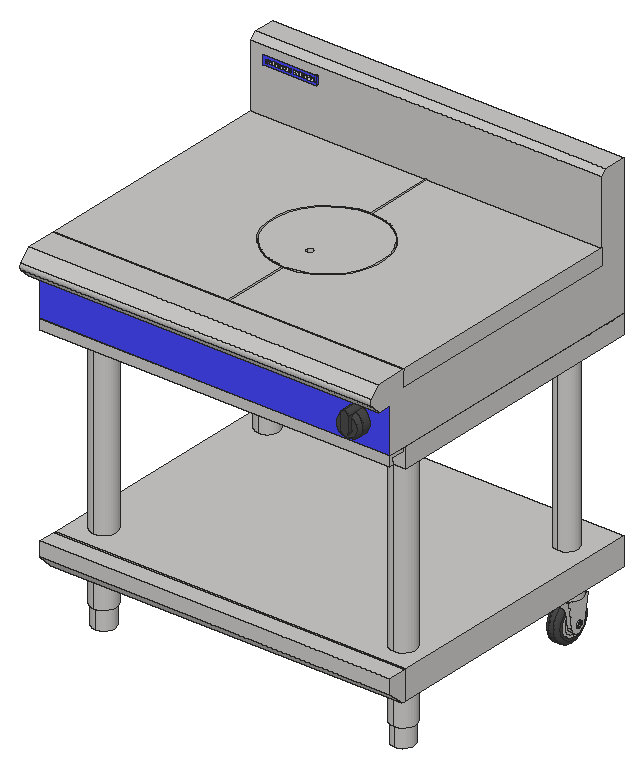
Revit family "QF_MOFFAT_BLUESEAL_CE_G57-LS", category Specialty Equipment, Revit 2012
Parameters
  Width = 900 mm
  Weight in Pounds = 392
  URL Cutsheet = "www.moffat.com"
  URL = "www.moffat.com"
  Type Mark [instance] = ""
  Status [instance] = ""
  Specification by User [instance] = ""
  Specification by Manufacturer = ""
  Show Logo [instance] = yes
  Show Clearance [instance] = yes
  Show Casters [instance] = yes
  Serial Number = ""
  Seismic Rating = ""
  SMACNA No = ""
  Revision Code [instance] = ""
  Omniclass Number and Title = ""
  NAFEM Spec ID Number = ""
  Model = "G57-LS"
  Mechanical Remarks = ""
  Mechanical Connection Type [instance] = ""
  Masterspec = ""
  Manufacturer = "MOFFAT BLUESEAL"
  Legs [instance] = not(Show Casters)  # no
  Item Number [instance] = ""
  Installed By [instance] = ""
  Identify Quantity as Lot [instance] = yes
  Height = 970 mm
  Gas Size = 3/4"
  Gas RI Height [instance] = 0 mm
  Gas KW [instance] = 12.5
  Gas Input [instance] = 42651.0 Btu/h
  Gas Connection Height = 0 mm
  Furnished By [instance] = ""
  Foodservice Equipment Identifier [instance] = yes
  Description = "900MM GAS TARGET TOP ON LEG STAND"
  Depth = 812 mm
  CSI MasterFormat = ""
  CSI Master Format = ""
Reference planes
  plane 1 "BACK": y = 0
  plane 2: z = 0
  plane 3 "LEFT": x = 0
  plane 4 "RIGHT": x = 900
  plane 5 "FRONT": y = -812
  plane 6 "TOP": z = 970
  plane 7 "Center Y": x = 450
  plane 8 "Center X": y = -406
  plane 9: x = 280
  plane 10: y = -574.272
  plane 11: x = 60
  plane 12: y = -304.972
  plane 13: y = -364.972
  plane 14: x = 74
  plane 15: x = 834.5
  plane 16: y = -32
  plane 17: z = 655
  plane 18: z = 1092.45
Forms (mm)
  Extrusion 1, solid, material "QF_Finishes_Stainless Steel"
    sketch origin (0, 0, 0) x (0, 1, 0) y (0, 0, 1)
      loop
        line (0, 150) -> (0, 222.5) -> (-699, 222.5) -> (-699, 150) -> (0, 150)
      loop
        line (0, 1092.45) -> (-57, 1092.45) -> (-70, 1079.45) -> (-70, 875) -> (-705, 875) -> (-705, 915) -> (-783.97, 915) -> (-808.503, 890.467)
        arc (-808.503, 890.467) -> (-812.01, 882) -> (-808.503, 873.533) r 11.974
        line (-808.503, 873.533) -> (-784.97, 850) -> (-749, 850) -> (-749, 736.219) -> (0, 736.219) -> (0, 1092.45)
      loop
        line (-749, 222.5) -> (-749, 186) -> (-713, 150) -> (-703.2, 150) -> (-703.2, 222.5) -> (-749, 222.5)
      loop
        line (-749, 710) -> (-740.224, 710) -> (-742.613, 726.999) -> (-707.93, 726.999) -> (-707.93, 734.003) -> (-749, 734.003) -> (-749, 710)
      loop
        line (-699, 734.003) -> (-699, 684.003) -> (0, 684.003) -> (0, 734.003) -> (-699, 734.003)
    from 0 to 900
  Extrusion 2, solid, material "QF_Finishes_Stainless Steel"
    sketch origin (0, 0, 0) x (0, 1, 0) y (0, 0, 1)
      loop
        line (-70, 915) -> (-705, 915) -> (-705, 875) -> (-70, 875) -> (-70, 915)
    from 0 to 900
  Revolve 3, solid, material "QF_Finishes_Black"
    sketch origin (824.351, 45.874, 0) x (0, 1, 0) y (0, 0, 1)
      loop
        line (-827.874, 829.5) -> (-838.874, 823.651) -> (-838.874, 797) -> (-794.874, 797) -> (-794.874, 802) -> (-804.874, 802) -> (-804.874, 829.5) -> (-827.874, 829.5)
      axis (-838.874, 797) -> (-794.874, 797)
    angle from 0 to 360
  Extrusion 4, solid, material "QF_Finishes_Black"
    sketch origin (676.544, 7, 0) x (1, 0, 0) y (0, 0, 1)
      loop
        line (158.3, 789) -> (158.3, 824)
        arc (158.3, 824) -> (148.3, 834) -> (138.3, 824) r 10
        line (138.3, 824) -> (138.3, 789)
        arc (138.3, 789) -> (148.3, 779) -> (158.3, 789) r 10
    from 759 to 808
  Extrusion 5, void
    sketch origin (0, -72.734, 915) x (1, 0, 0) y (0, -1, 0)
      loop
        line (447.967, 173.281) -> (447.967, -2.734) -> (452.2, -2.734) -> (452.2, 173.283)
        arc (452.2, 173.283) -> (592.5, 315.967) -> (451.798, 458.255) r 142.5
        line (451.798, 458.255) -> (451.798, 632.266) -> (447.7, 632.266) -> (447.7, 458.248)
        arc (447.7, 458.248) -> (307.5, 315.632) -> (447.967, 173.281) r 142.5
      loop
        circle (450, 315.766) r 138
      loop
        circle (450, 370.766) r 8.75
    from 0 to 10
  Revolve 6, solid, material "QF_Finishes_Stainless Steel"
    sketch origin (834.5, -165, 0) x (0, 1, 0) y (0, 0, -1)
      loop
        line (65, -222.5) -> (36.406, -222.5) -> (36.406, -684.003) -> (65, -684.003) -> (65, -222.5)
      axis (65, -684.003) -> (65, -222.5)
    angle from 0 to 360
  Revolve 7, solid, material "QF_Finishes_Stainless Steel"
    sketch origin (834.5, -696.126, 0) x (0, 1, 0) y (0, 0, -1)
      loop
        line (39.376, -150) -> (71.126, -150) -> (71.126, 0) -> (43.626, 0) -> (43.626, -50) -> (39.376, -50) -> (39.376, -150)
      loop
        line (71.126, -222.5) -> (39.376, -222.5) -> (39.376, -684.003) -> (71.126, -684.003) -> (71.126, -222.5)
      axis (71.126, -684.003) -> (71.126, 0)
    angle from 0 to 360
  Revolve 8, solid, material "QF_Finishes_Stainless Steel"
    sketch origin (65.5, -165, 0) x (0, 1, 0) y (0, 0, 1)
      loop
        line (36.406, 684.003) -> (36.406, 222.5) -> (65, 222.5) -> (65, 684.003) -> (36.406, 684.003)
      axis (65, 684.003) -> (65, 222.5)
    angle from 0 to 360
  Revolve 9, solid, material "QF_Finishes_Stainless Steel"
    sketch origin (65.5, -696.126, 0) x (0, 1, 0) y (0, 0, 1)
      loop
        line (39.376, 150) -> (39.376, 50) -> (43.626, 50) -> (43.626, 0) -> (71.126, 0) -> (71.126, 150) -> (39.376, 150)
      loop
        line (71.126, 222.5) -> (71.126, 684.003) -> (39.376, 684.003) -> (39.376, 222.5) -> (71.126, 222.5)
      axis (71.126, 684.003) -> (71.126, 0)
    angle from 0 to 360
  Extrusion 10, solid, material "QF_Finishes_Stainless Steel"
    sketch origin (-64.5, 0, 325) x (1, 0, 0) y (0, 1, 0)
      loop
        circle (834.5, -32) r 10
    from 330 to 355
  Extrusion 11, solid, material "QF_Finishes_Stainless Steel", visible <- "Show Casters"
    sketch origin (71.501, 133.353, -8.783) x (0, 1, 0) y (0, 0, 1)
      loop
        line (-201.603, 118.783) -> (-265.103, 118.783) -> (-252.746, 53.895)
        arc (-252.746, 53.895) -> (-233.353, 38.783) -> (-213.959, 53.895) r 20
        line (-213.959, 53.895) -> (-201.603, 118.783)
    from -35.667 to 22.923
  Revolve 12, solid, material "QF_Finishes_Stainless Steel", visible <- "Show Casters"
    sketch origin (65, -203, 0) x (0, 1, 0) y (0, 0, 1)
      loop
        line (67.25, 150) -> (67.25, 110) -> (103, 110) -> (103, 150) -> (67.25, 150)
      axis (103, 150) -> (103, 110)
    angle from 0 to 360
  Revolve 13, solid, material "QF_Finishes_Stainless Steel", visible <- "Show Casters"
    sketch origin (834.5, -203, 0) x (0, 1, 0) y (0, 0, -1)
      loop
        line (67.25, -150) -> (103, -150) -> (103, -110) -> (67.25, -110) -> (67.25, -150)
      axis (103, -150) -> (103, -110)
    angle from 0 to 360
  Revolve 14, solid, material "QF_Finishes_Stainless Steel", visible <- "Show Casters"
    sketch origin (785.276, -99.755, -13.653) x (1, 0, 0) y (0, 0, 1)
      loop
        line (14.841, 64.453) -> (83.584, 64.453) -> (83.584, 67.958) -> (82.314, 69.228) -> (80.79, 69.228) -> (80.79, 72.674) -> (68.644, 72.674) -> (68.644, 82.639) -> (65.088, 84.692) -> (63.738, 93.028) -> (65.881, 93.028) -> (65.881, 99.378) -> (65.088, 99.378) -> (65.088, 105.728)
        arc (65.088, 105.728) -> (62.298, 112.463) -> (55.563, 115.253) r 9.525
        line (55.563, 115.253) -> (42.863, 115.253)
        arc (42.863, 115.253) -> (36.127, 112.463) -> (33.338, 105.728) r 9.525
        line (33.338, 105.728) -> (33.338, 99.378) -> (32.544, 99.378) -> (32.544, 93.028) -> (34.687, 93.028) -> (33.352, 84.781) -> (29.782, 82.719) -> (29.782, 72.674) -> (17.635, 72.674) -> (17.635, 69.228) -> (16.111, 69.228) -> (14.841, 67.958) -> (14.841, 64.453)
      axis (14.841, 64.453) -> (83.584, 64.453)
    angle from 0 to 360
  Extrusion 15, solid, material "QF_Finishes_Stainless Steel", visible <- "Show Casters"
    sketch origin (841.001, 133.353, -8.783) x (0, 1, 0) y (0, 0, 1)
      loop
        line (-201.603, 118.783) -> (-265.103, 118.783) -> (-252.746, 53.895)
        arc (-252.746, 53.895) -> (-233.353, 38.783) -> (-213.959, 53.895) r 20
        line (-213.959, 53.895) -> (-201.603, 118.783)
    from -35.667 to 22.923
  Revolve 16, solid, material "QF_Finishes_Stainless Steel", visible <- "Legs"
    sketch origin (65, -165, 0) x (0, 1, 0) y (0, 0, 1)
      loop
        line (33.25, 150) -> (33.25, 50) -> (37.5, 50) -> (37.5, 0) -> (65, 0) -> (65, 150) -> (33.25, 150)
      axis (65, 150) -> (65, 0)
    angle from 0 to 360
  Revolve 17, solid, material "QF_Finishes_Stainless Steel", visible <- "Legs"
    sketch origin (834.5, -165, 0) x (0, 1, 0) y (0, 0, -1)
      loop
        line (33.25, -150) -> (65, -150) -> (65, 0) -> (37.5, 0) -> (37.5, -50) -> (33.25, -50) -> (33.25, -150)
      axis (65, -150) -> (65, 0)
    angle from 0 to 360
  Revolve 18, solid, material "QF_Finishes_Stainless Steel", visible <- "Show Casters"
    sketch origin (114.224, -99.755, -13.653) x (-1, 0, 0) y (0, 0, -1)
      loop
        line (14.841, -64.453) -> (14.841, -67.958) -> (16.111, -69.228) -> (17.635, -69.228) -> (17.635, -72.674) -> (29.782, -72.674) -> (29.782, -82.719) -> (33.352, -84.781) -> (34.687, -93.028) -> (32.544, -93.028) -> (32.544, -99.378) -> (33.338, -99.378) -> (33.338, -105.728)
        arc (33.338, -105.728) -> (36.127, -112.463) -> (42.863, -115.253) r 9.525
        line (42.863, -115.253) -> (55.563, -115.253)
        arc (55.563, -115.253) -> (62.298, -112.463) -> (65.088, -105.728) r 9.525
        line (65.088, -105.728) -> (65.088, -99.378) -> (65.881, -99.378) -> (65.881, -93.028) -> (63.738, -93.028) -> (65.088, -84.692) -> (68.644, -82.639) -> (68.644, -72.674) -> (80.79, -72.674) -> (80.79, -69.228) -> (82.314, -69.228) -> (83.584, -67.958) -> (83.584, -64.453) -> (14.841, -64.453)
      axis (14.841, -64.453) -> (83.584, -64.453)
    angle from 0 to 360
Cuts and joins
  Extrusion 5 cuts Extrusion 1
  Extrusion 5 cuts Extrusion 2
Lines and regions (mm)
  Split face 1
    outline origin (900, 0, 1092.45) x (-1, 0, 0) y (0, -1, 0)
      loop
        arc (856, 18.185) -> (864.66, 23.185) -> (864.66, 33.185) r 10
        line (864.66, 33.185) -> (860.619, 40.185)
        arc (860.619, 40.185) -> (856.959, 43.846) -> (851.959, 45.185) r 10
        line (851.959, 45.185) -> (624, 45.185)
        arc (624, 45.185) -> (615.34, 40.185) -> (615.34, 30.185) r 10
        line (615.34, 30.185) -> (619.381, 23.185)
        arc (619.381, 23.185) -> (623.041, 19.525) -> (628.041, 18.185) r 10
        line (628.041, 18.185) -> (856, 18.185)
  Split face 2
    outline origin (900, 0, 1092.45) x (-1, 0, 0) y (0, -1, 0)
      loop
        arc (566, 18.185) -> (574.66, 23.185) -> (574.66, 33.185) r 10
        line (574.66, 33.185) -> (570.619, 40.185)
        arc (570.619, 40.185) -> (566.959, 43.846) -> (561.959, 45.185) r 10
        line (561.959, 45.185) -> (334, 45.185)
        arc (334, 45.185) -> (325.34, 40.185) -> (325.34, 30.185) r 10
        line (325.34, 30.185) -> (329.381, 23.185)
        arc (329.381, 23.185) -> (333.041, 19.525) -> (338.041, 18.185) r 10
        line (338.041, 18.185) -> (566, 18.185)
  Split face 3
    outline origin (900, 0, 1092.45) x (-1, 0, 0) y (0, -1, 0)
      loop
        arc (276, 18.185) -> (284.66, 23.185) -> (284.66, 33.185) r 10
        line (284.66, 33.185) -> (280.619, 40.185)
        arc (280.619, 40.185) -> (276.959, 43.846) -> (271.959, 45.185) r 10
        line (271.959, 45.185) -> (44, 45.185)
        arc (44, 45.185) -> (35.34, 40.185) -> (35.34, 30.185) r 10
        line (35.34, 30.185) -> (39.381, 23.185)
        arc (39.381, 23.185) -> (43.041, 19.525) -> (48.041, 18.185) r 10
        line (48.041, 18.185) -> (276, 18.185)
  symbolic lines
    curve 1: line (0, 0, 0) -> (0, -812, 0)
    curve 2: line (900, 0, 0) -> (0, 0, 0)
    curve 3: line (900, -812, 0) -> (900, 0, 0)
    curve 4: line (0, -70, 0) -> (900, -70, 0)
    curve 5: line (900, -812, 0) -> (0, -812, 0)
    curve 6: line (447.967, -72.734, 0) -> (447.967, -246.014, 0)
    curve 7: line (452.2, -246.017, 0) -> (452.2, -72.734, 0)
    curve 8: line (451.798, -705, 0) -> (451.798, -530.989, 0)
    curve 9: line (447.7, -530.981, 0) -> (447.7, -705, 0)
    curve 10: line (900, -72.734, 0) -> (0, -72.734, 0)
    curve 11: line (0, -705, 0) -> (900, -705, 0)
    curve 12: arc (452.2, -246.017, 0) -> (592.5, -388.701, 0) -> (451.798, -530.989, 0) r 142.5
    curve 13: arc (447.7, -530.981, 0) -> (307.5, -388.366, 0) -> (447.967, -246.014, 0) r 142.5
    curve 14: circle (450, -388.5, 0) r 138 normal (0, 0, 1)
    curve 15: arc (458.75, -443.5, 0) -> (450, -452.25, 0) -> (441.25, -443.5, 0) r 8.75
    curve 16: arc (441.25, -443.5, 0) -> (450, -434.75, 0) -> (458.75, -443.5, 0) r 8.75
    curve 17: line (900, -57, 0) -> (0, -57, 0)
    curve 18: line (276, -45.185, 0) -> (48.041, -45.185, 0)
    curve 19: arc (48.041, -45.185, 0) -> (43.041, -43.846, 0) -> (39.381, -40.185, 0) r 10
    curve 20: line (39.381, -40.185, 0) -> (35.34, -33.185, 0)
    curve 21: arc (35.34, -33.185, 0) -> (35.34, -23.185, 0) -> (44, -18.185, 0) r 10
    curve 22: line (44, -18.185, 0) -> (271.959, -18.185, 0)
    curve 23: arc (271.959, -18.185, 0) -> (276.959, -19.525, 0) -> (280.619, -23.185, 0) r 10
    curve 24: line (280.619, -23.185, 0) -> (284.66, -30.185, 0)
    curve 25: arc (284.66, -30.185, 0) -> (284.66, -40.185, 0) -> (276, -45.185, 0) r 10
    curve 26: line (566, -45.185, 0) -> (338.041, -45.185, 0)
    curve 27: arc (338.041, -45.185, 0) -> (333.041, -43.846, 0) -> (329.381, -40.185, 0) r 10
    curve 28: line (329.381, -40.185, 0) -> (325.34, -33.185, 0)
    curve 29: arc (325.34, -33.185, 0) -> (325.34, -23.185, 0) -> (334, -18.185, 0) r 10
    curve 30: line (334, -18.185, 0) -> (561.959, -18.185, 0)
    curve 31: arc (561.959, -18.185, 0) -> (566.959, -19.525, 0) -> (570.619, -23.185, 0) r 10
    curve 32: line (570.619, -23.185, 0) -> (574.66, -30.185, 0)
    curve 33: arc (574.66, -30.185, 0) -> (574.66, -40.185, 0) -> (566, -45.185, 0) r 10
    curve 34: line (856, -45.185, 0) -> (628.041, -45.185, 0)
    curve 35: arc (628.041, -45.185, 0) -> (623.041, -43.846, 0) -> (619.381, -40.185, 0) r 10
    curve 36: line (619.381, -40.185, 0) -> (615.34, -33.185, 0)
    curve 37: arc (615.34, -33.185, 0) -> (615.34, -23.185, 0) -> (624, -18.185, 0) r 10
    curve 38: line (624, -18.185, 0) -> (851.959, -18.185, 0)
    curve 39: arc (851.959, -18.185, 0) -> (856.959, -19.525, 0) -> (860.619, -23.185, 0) r 10
    curve 40: line (860.619, -23.185, 0) -> (864.66, -30.185, 0)
    curve 41: arc (864.66, -30.185, 0) -> (864.66, -40.185, 0) -> (856, -45.185, 0) r 10
    curve 42: line (0, -783.97, 0) -> (900, -783.97, 0)
Dimensions and locks
  equal spacing: plane 3 "LEFT", plane 7 "Center Y", plane 4 "RIGHT"
  "Width": plane 3 "LEFT" to plane 4 "RIGHT"
  equal spacing: plane 5 "FRONT", plane 8 "Center X", plane 1 "BACK"
  "Depth": plane 5 "FRONT" to plane 1 "BACK"
  equal spacing: plane 4 "RIGHT", plane 7 "Center Y", plane 3 "LEFT"
  plane 4 "RIGHT" to plane 3 "LEFT" = 900 mm
  "Height": plane 6 "TOP" to level
  plane 5 "FRONT" to plane 1 "BACK" = 812 mm
  plane 10 to plane 1 "BACK" = 574.272 mm
  plane 12 to plane 1 "BACK" = 304.972 mm  (x2)
  plane 11 to plane 3 "LEFT" = 60 mm
  plane 14 to plane 3 "LEFT" = 74 mm
  plane 9 to plane 3 "LEFT" = 280 mm
  plane 6 "TOP" to plane 2 = 970 mm
  plane 17 to level = 655 mm
  Revolve 14 sketch curve to Revolve 14 sketch curve = 50.8 mm
  Revolve 18 sketch curve to Revolve 18 sketch curve = 50.8 mm
  aligned and locked: level to plane 2
  aligned and locked: curve 3 to plane 4 "RIGHT"
  aligned and locked: Extrusion 1 to Extrusion 2  (x2)
Automatic sketch dimensions
  Extrusion 2 sketch curve to plane 5 "FRONT" = 107 mm
  Extrusion 2 sketch curve to plane 16 = 38 mm
  plane 17 to Extrusion 2 sketch curve = 220 mm
  Extrusion 2 sketch curve to Extrusion 2 sketch curve = 40 mm
  Revolve 3 sketch curve to plane 5 "FRONT" = 19 mm
  Revolve 3 sketch curve to Revolve 3 sketch curve = 0 mm  (x2)
  Revolve 3 sketch curve to Revolve 3 sketch curve = 11 mm
  Revolve 3 sketch curve to Revolve 3 sketch curve = 12.7 mm
  Revolve 3 sketch curve to Revolve 3 sketch curve = 23 mm
  Revolve 3 sketch curve to Revolve 3 sketch curve = 10 mm
  plane 17 to Revolve 3 sketch curve = 142 mm
  Revolve 3 sketch curve to Revolve 3 sketch curve = 5 mm
  Revolve 3 sketch curve to Revolve 3 sketch curve = 26.651 mm
  Revolve 3 sketch curve to Revolve 3 sketch curve = 5.849 mm
  Extrusion 4 sketch curve to plane 15 = 19.656 mm
  Extrusion 4 sketch curve to plane 15 = 9.656 mm
  plane 17 to Extrusion 4 sketch curve = 134 mm
  Extrusion 4 sketch curve to Extrusion 4 sketch curve = 35 mm
  Extrusion 10 sketch curve to plane 16 = 0 mm
  Revolve 9 sketch curve to level = 0 mm
  plane 17 to Revolve 9 sketch curve = 29.003 mm
  Revolve 9 sketch curve to plane 10 = 82.478 mm
  Revolve 9 sketch curve to Revolve 9 sketch curve = 0 mm  (x2)
  Revolve 9 sketch curve to Revolve 9 sketch curve = 4.25 mm
  Revolve 9 sketch curve to Revolve 9 sketch curve = 27.5 mm
  Revolve 9 sketch curve to Revolve 9 sketch curve = 31.75 mm
  Revolve 9 sketch curve to plane 10 = 50.728 mm
  Revolve 9 sketch curve to level = 55 mm
  Revolve 9 sketch curve to Revolve 9 sketch curve = 50 mm
  Revolve 9 sketch curve to Revolve 9 sketch curve = 100 mm
  Revolve 9 sketch curve to Revolve 9 sketch curve = 72.5 mm
  Revolve 7 sketch curve to level = 0 mm
  Revolve 7 sketch curve to plane 10 = 82.478 mm
  plane 17 to Revolve 7 sketch curve = 29.003 mm
  Revolve 7 sketch curve to Revolve 7 sketch curve = 0 mm  (x2)
  Revolve 7 sketch curve to Revolve 7 sketch curve = 4.25 mm
  Revolve 7 sketch curve to Revolve 7 sketch curve = 27.5 mm
  Revolve 7 sketch curve to Revolve 7 sketch curve = 31.75 mm
  Revolve 7 sketch curve to plane 10 = 50.728 mm
  level to Revolve 7 sketch curve = 222.5 mm
  Revolve 7 sketch curve to Revolve 7 sketch curve = 72.5 mm
  level to Revolve 7 sketch curve = 50 mm
  Revolve 7 sketch curve to Revolve 7 sketch curve = 55 mm
  plane 18 to Extrusion 1 sketch curve = 0 mm
  Extrusion 1 sketch curve to plane 1 "BACK" = 0 mm  (x3)
  Extrusion 1 sketch curve to plane 16 = 25 mm
  Extrusion 1 sketch curve to plane 16 = 38 mm
  Extrusion 1 sketch curve to Extrusion 1 sketch curve = 4.2 mm
  Extrusion 1 sketch curve to Extrusion 1 sketch curve = 8.93 mm
  Extrusion 1 sketch curve to Extrusion 1 sketch curve = 9.8 mm
  Extrusion 1 sketch curve to Extrusion 1 sketch curve = 32.294 mm
  Extrusion 1 sketch curve to Extrusion 1 sketch curve = 2.389 mm
  Extrusion 1 sketch curve to Extrusion 1 sketch curve = 45.8 mm
  Extrusion 1 sketch curve to Extrusion 1 sketch curve = 6.387 mm
  Extrusion 1 sketch curve to Extrusion 1 sketch curve = 8.776 mm
  Extrusion 1 sketch curve to plane 5 "FRONT" = 3.497 mm  (x2)
  plane 18 to Extrusion 1 sketch curve = 13 mm
  Extrusion 1 sketch curve to plane 6 "TOP" = 55 mm
  Extrusion 1 sketch curve to Extrusion 1 sketch curve = 24.533 mm
  Extrusion 1 sketch curve to Extrusion 1 sketch curve = 8.467 mm
  Extrusion 1 sketch curve to Extrusion 1 sketch curve = 40 mm
  Extrusion 1 sketch curve to Extrusion 1 sketch curve = 25 mm
  plane 17 to Extrusion 1 sketch curve = 81.219 mm
  Extrusion 1 sketch curve to Extrusion 1 sketch curve = 2.216 mm  (x2)
  Extrusion 1 sketch curve to Extrusion 1 sketch curve = 7.004 mm
  Extrusion 1 sketch curve to Extrusion 1 sketch curve = 16.999 mm
  plane 17 to Extrusion 1 sketch curve = 29.003 mm
  level to Extrusion 1 sketch curve = 222.5 mm
  Extrusion 1 sketch curve to Extrusion 1 sketch curve = 0 mm  (x2)
  Extrusion 1 sketch curve to Extrusion 1 sketch curve = 36.5 mm
  Extrusion 1 sketch curve to Extrusion 1 sketch curve = 36 mm
  plane 17 to Revolve 6 sketch curve = 29.003 mm
  Revolve 6 sketch curve to plane 16 = 96.594 mm
  Revolve 6 sketch curve to Revolve 6 sketch curve = 28.594 mm
  Revolve 6 sketch curve to Revolve 6 sketch curve = 0 mm  (x2)
  level to Revolve 6 sketch curve = 222.5 mm
  Revolve 6 sketch curve to Revolve 6 sketch curve = 50 mm
  plane 17 to Revolve 8 sketch curve = 29.003 mm
  Revolve 8 sketch curve to plane 16 = 96.594 mm
  Revolve 8 sketch curve to Revolve 8 sketch curve = 28.594 mm
  Revolve 8 sketch curve to Revolve 8 sketch curve = 0 mm  (x2)
  level to Revolve 8 sketch curve = 222.5 mm
  Revolve 8 sketch curve to Revolve 8 sketch curve = 55 mm
  Extrusion 5 sketch curve to Extrusion 5 sketch curve = 0 mm  (x4)
  Extrusion 5 sketch curve to Extrusion 2 = 0 mm
  Extrusion 2 to Extrusion 5 sketch curve = 0 mm
  Extrusion 2 to Extrusion 5 sketch curve = 174.019 mm
  Extrusion 2 to Extrusion 5 sketch curve = 447.7 mm
  Extrusion 5 sketch curve to Extrusion 5 sketch curve = 4.098 mm
  Extrusion 5 sketch curve to Extrusion 5 sketch curve = 4.232 mm
  Extrusion 5 sketch curve to Extrusion 5 sketch curve = 0.007 mm
  Extrusion 5 sketch curve to Extrusion 5 sketch curve = 4.481 mm
  Extrusion 5 sketch curve to Extrusion 5 sketch curve = 138 mm
  Extrusion 2 to Extrusion 5 sketch curve = 447.967 mm
  Extrusion 5 sketch curve to Extrusion 5 sketch curve = 2.3 mm
  Extrusion 10 sketch curve to plane 15 = 64.5 mm
  curve 12 to curve 13 = 0 mm  (x2)
  curve 12 to curve 14 = 0 mm  (x2)
  plane 1 "BACK" to curve 1 = 0 mm
  curve 1 to plane 3 "LEFT" = 0 mm
  curve 15 to plane 7 "Center Y" = 0 mm
  curve 13 to plane 7 "Center Y" = 0 mm
  plane 5 "FRONT" to curve 1 = 0 mm
  curve 16 to plane 7 "Center Y" = 8.75 mm
  curve 9 to plane 7 "Center Y" = 2.3 mm
  curve 6 to plane 7 "Center Y" = 2.033 mm
  plane 7 "Center Y" to curve 12 = 1.798 mm
  plane 7 "Center Y" to curve 7 = 2.2 mm
  plane 10 to curve 8 = 43.284 mm
  curve 8 to curve 9 = 0.007 mm
  curve 16 to plane 8 "Center X" = 37.5 mm
  plane 8 "Center X" to curve 13 = 17.5 mm
  curve 6 to plane 16 = 40.734 mm
  curve 10 to curve 4 = 2.734 mm
  curve 4 to curve 17 = 13 mm
  curve 21 to plane 16 = 1.185 mm
  plane 4 "RIGHT" to curve 21 = 864.66 mm
  curve 21 to curve 19 = 4.041 mm
  plane 16 to curve 21 = 3.815 mm
  curve 20 to curve 21 = 8.66 mm
  curve 20 to curve 18 = 8.66 mm
  curve 19 to curve 22 = 223.917 mm
  curve 23 to curve 18 = 4.041 mm
  curve 22 to curve 23 = 8.66 mm
  plane 16 to curve 25 = 1.815 mm
  curve 24 to curve 25 = 4.041 mm
  curve 19 to plane 16 = 13.185 mm
  curve 20 to curve 21 = 7 mm
  plane 16 to curve 23 = 3.815 mm
  curve 28 to plane 16 = 1.185 mm
  curve 24 to curve 28 = 40.679 mm
  curve 28 to plane 16 = 8.185 mm
  curve 29 to curve 28 = 4.041 mm
  curve 28 to curve 30 = 8.66 mm
  curve 27 to curve 26 = 8.66 mm
  plane 16 to curve 31 = 13.815 mm
  curve 27 to curve 31 = 223.917 mm
  curve 33 to plane 16 = 3.185 mm
  curve 31 to curve 33 = 4.041 mm
  plane 16 to curve 32 = 8.815 mm
  curve 31 to curve 32 = 8.66 mm
  plane 16 to curve 33 = 1.815 mm
  curve 32 to curve 33 = 4.041 mm
  curve 37 to plane 16 = 1.185 mm
  curve 33 to curve 37 = 40.679 mm
  curve 37 to curve 35 = 4.041 mm  (x2)
  plane 16 to curve 37 = 3.815 mm
  curve 36 to curve 37 = 8.66 mm
  curve 35 to plane 16 = 3.185 mm
  curve 35 to curve 38 = 223.917 mm
  curve 39 to curve 34 = 4.041 mm
  curve 38 to curve 39 = 8.66 mm
  plane 16 to curve 41 = 1.815 mm
  curve 40 to curve 41 = 4.041 mm
  curve 34 to plane 16 = 13.185 mm
  plane 16 to curve 39 = 3.815 mm
  cut or joined group of Extrusion 1, Extrusion 5 to Split face 1 sketch curve = 26.815 mm
  Split face 1 sketch curve to cut or joined group of Extrusion 1, Extrusion 5 = 284.66 mm
  Split face 1 sketch curve to Split face 1 sketch curve = 4.041 mm  (x4)
  Split face 1 sketch curve to Split face 1 sketch curve = 8.66 mm  (x2)
  cut or joined group of Extrusion 1, Extrusion 5 to Split face 1 sketch curve = 11.815 mm
  Split face 1 sketch curve to cut or joined group of Extrusion 1, Extrusion 5 = 48.041 mm
  Split face 1 sketch curve to Split face 1 sketch curve = 7 mm  (x3)
  Split face 1 sketch curve to Split face 1 sketch curve = 17 mm
  cut or joined group of Extrusion 1, Extrusion 5 to Split face 2 sketch curve = 26.815 mm
  Split face 2 sketch curve to cut or joined group of Extrusion 1, Extrusion 5 = 325.34 mm
  Split face 2 sketch curve to Split face 2 sketch curve = 4.041 mm  (x4)
  Split face 2 sketch curve to Split face 2 sketch curve = 8.66 mm  (x2)
  cut or joined group of Extrusion 1, Extrusion 5 to Split face 2 sketch curve = 11.815 mm
  Split face 2 sketch curve to Split face 2 sketch curve = 223.917 mm
  Split face 2 sketch curve to Split face 2 sketch curve = 7 mm  (x3)
  Split face 2 sketch curve to Split face 2 sketch curve = 17 mm
  Split face 3 sketch curve to cut or joined group of Extrusion 1, Extrusion 5 = 35.34 mm
  Split face 3 sketch curve to Split face 3 sketch curve = 4.041 mm  (x4)
  Split face 3 sketch curve to Split face 3 sketch curve = 8.66 mm  (x2)
  cut or joined group of Extrusion 1, Extrusion 5 to Split face 3 sketch curve = 11.815 mm
  Split face 3 sketch curve to Split face 3 sketch curve = 223.917 mm
  Split face 3 sketch curve to Split face 3 sketch curve = 5 mm
  Split face 3 sketch curve to Split face 3 sketch curve = 10 mm
  Split face 3 sketch curve to Split face 3 sketch curve = 7 mm  (x3)
  Extrusion 11 sketch curve to plane 16 = 99.75 mm
  Extrusion 11 sketch curve to Extrusion 11 sketch curve = 12.357 mm
  Extrusion 11 sketch curve to Extrusion 11 sketch curve = 19.393 mm  (x2)
  level to Extrusion 11 sketch curve = 45.111 mm
  Extrusion 11 sketch curve to plane 16 = 36.25 mm
  Extrusion 11 sketch curve to Extrusion 11 sketch curve = 4.889 mm
  Extrusion 11 sketch curve to Extrusion 11 sketch curve = 64.889 mm
  Revolve 12 sketch curve to plane 16 = 103.75 mm
  Revolve 12 sketch curve to plane 16 = 68 mm
  Revolve 12 sketch curve to Revolve 12 sketch curve = 35.75 mm
  Revolve 12 sketch curve to level = 55 mm
  level to Revolve 12 sketch curve = 50 mm
  Revolve 12 sketch curve to Revolve 12 sketch curve = 60 mm
  Revolve 12 sketch curve to Revolve 12 sketch curve = 40 mm
  Revolve 13 sketch curve to plane 16 = 103.75 mm
  Revolve 13 sketch curve to plane 16 = 68 mm
  Revolve 13 sketch curve to Revolve 13 sketch curve = 35.75 mm
  level to Revolve 13 sketch curve = 150 mm
  Revolve 13 sketch curve to Revolve 13 sketch curve = 40 mm
  level to Revolve 13 sketch curve = 50 mm
  Revolve 13 sketch curve to level = 55 mm
  Revolve 14 sketch curve to plane 15 = 34.382 mm
  Revolve 14 sketch curve to Revolve 14 sketch curve = 1.27 mm  (x4)
  Revolve 14 sketch curve to Revolve 14 sketch curve = 1.524 mm  (x2)
  Revolve 14 sketch curve to Revolve 14 sketch curve = 12.146 mm  (x2)
  Revolve 14 sketch curve to plane 15 = 16.68 mm
  Revolve 14 sketch curve to Revolve 14 sketch curve = 0.794 mm  (x2)
  Revolve 14 sketch curve to Revolve 14 sketch curve = 3.57 mm
  Revolve 14 sketch curve to Revolve 14 sketch curve = 2.143 mm
  Revolve 14 sketch curve to plane 15 = 6.361 mm
  plane 15 to Revolve 14 sketch curve = 5.13 mm
  plane 15 to Revolve 14 sketch curve = 6.339 mm
  plane 15 to Revolve 14 sketch curve = 14.515 mm
  Revolve 14 sketch curve to Revolve 14 sketch curve = 1.349 mm  (x2)
  Revolve 14 sketch curve to Revolve 14 sketch curve = 3.556 mm
  Revolve 14 sketch curve to plane 4 "RIGHT" = 2.18 mm
  level to Revolve 14 sketch curve = 50.8 mm
  Revolve 14 sketch curve to Revolve 14 sketch curve = 0 mm
  Revolve 14 sketch curve to Revolve 14 sketch curve = 3.505 mm  (x2)
  Revolve 14 sketch curve to Revolve 14 sketch curve = 3.447 mm  (x2)
  Revolve 14 sketch curve to Revolve 14 sketch curve = 9.964 mm
  Revolve 14 sketch curve to Revolve 14 sketch curve = 10.045 mm
  Revolve 14 sketch curve to Revolve 14 sketch curve = 2.053 mm
  Revolve 14 sketch curve to Revolve 14 sketch curve = 2.061 mm
  Revolve 14 sketch curve to Revolve 14 sketch curve = 8.247 mm
  Revolve 14 sketch curve to Revolve 14 sketch curve = 8.336 mm
  Revolve 14 sketch curve to Revolve 14 sketch curve = 6.35 mm  (x2)
  Extrusion 15 sketch curve to plane 16 = 99.75 mm
  Extrusion 15 sketch curve to Extrusion 15 sketch curve = 12.357 mm
  Extrusion 15 sketch curve to Extrusion 15 sketch curve = 19.393 mm  (x2)
  level to Extrusion 15 sketch curve = 45.111 mm
  Extrusion 15 sketch curve to plane 16 = 36.25 mm
  Extrusion 15 sketch curve to Extrusion 15 sketch curve = 4.889 mm
  Extrusion 15 sketch curve to Extrusion 15 sketch curve = 64.889 mm
  Revolve 16 sketch curve to level = 0 mm
  Revolve 16 sketch curve to plane 16 = 99.75 mm
  Revolve 16 sketch curve to Revolve 16 sketch curve = 4.25 mm
  Revolve 16 sketch curve to Revolve 16 sketch curve = 27.5 mm  (x2)
  Revolve 16 sketch curve to level = 55 mm
  Revolve 16 sketch curve to Revolve 16 sketch curve = 50 mm
  Revolve 16 sketch curve to Revolve 16 sketch curve = 0 mm
  Revolve 16 sketch curve to Revolve 16 sketch curve = 100 mm
  Revolve 17 sketch curve to level = 0 mm
  Revolve 17 sketch curve to plane 16 = 99.75 mm
  Revolve 17 sketch curve to Revolve 17 sketch curve = 4.25 mm
  Revolve 17 sketch curve to Revolve 17 sketch curve = 27.5 mm  (x2)
  level to Revolve 17 sketch curve = 50 mm
  Revolve 17 sketch curve to Revolve 17 sketch curve = 0 mm
  Revolve 17 sketch curve to Revolve 17 sketch curve = 100 mm
  Revolve 17 sketch curve to Revolve 17 sketch curve = 55 mm
  plane 14 to Revolve 18 sketch curve = 25.382 mm
  Revolve 18 sketch curve to Revolve 18 sketch curve = 1.27 mm  (x4)
  Revolve 18 sketch curve to Revolve 18 sketch curve = 1.524 mm  (x2)
  plane 14 to Revolve 18 sketch curve = 10.442 mm
  plane 14 to Revolve 18 sketch curve = 7.68 mm
  Revolve 18 sketch curve to Revolve 18 sketch curve = 0.794 mm  (x2)
  Revolve 18 sketch curve to Revolve 18 sketch curve = 3.57 mm
  Revolve 18 sketch curve to Revolve 18 sketch curve = 2.143 mm
  Revolve 18 sketch curve to plane 14 = 2.639 mm
  Revolve 18 sketch curve to plane 11 = 0.13 mm
  Revolve 18 sketch curve to plane 11 = 1.339 mm
  Revolve 18 sketch curve to plane 11 = 9.515 mm
  Revolve 18 sketch curve to Revolve 18 sketch curve = 1.349 mm  (x2)
  Revolve 18 sketch curve to Revolve 18 sketch curve = 3.556 mm
  Revolve 18 sketch curve to Revolve 18 sketch curve = 12.146 mm
  Revolve 18 sketch curve to plane 3 "LEFT" = 2.68 mm
  level to Revolve 18 sketch curve = 101.6 mm
  Revolve 18 sketch curve to Revolve 18 sketch curve = 6.35 mm  (x4)
  Revolve 18 sketch curve to Revolve 18 sketch curve = 8.247 mm
  Revolve 18 sketch curve to Revolve 18 sketch curve = 8.336 mm
  Revolve 18 sketch curve to Revolve 18 sketch curve = 2.061 mm
  Revolve 18 sketch curve to Revolve 18 sketch curve = 2.053 mm
  Revolve 18 sketch curve to Revolve 18 sketch curve = 10.045 mm
  Revolve 18 sketch curve to Revolve 18 sketch curve = 9.964 mm
  Revolve 18 sketch curve to Revolve 18 sketch curve = 3.447 mm  (x2)
  Revolve 18 sketch curve to Revolve 18 sketch curve = 3.505 mm
  curve 42 to plane 5 "FRONT" = 28.03 mm
  curve 42 to curve 11 = 78.97 mm
  Extrusion 1 sketch curve to plane 5 "FRONT" = 11.964 mm
  Extrusion 1 sketch curve to plane 5 "FRONT" = 27.03 mm
  Extrusion 1 sketch curve to plane 5 "FRONT" = 28.03 mm
  Extrusion 1 sketch curve to Extrusion 1 sketch curve = 35.97 mm
  Extrusion 1 sketch curve to plane 5 "FRONT" = 63 mm
  Extrusion 1 sketch curve to Extrusion 1 sketch curve = 44 mm
  radius of Extrusion 10 sketch curve = 10 mm
  radius of curve 14 = 138 mm
Nested families
  nested 1: "WALDORF LOGO_FACE BASE" at (32, -70, 1055.959) x (1, 0, 0) z (0, -1, 0), visible <- "Show Logo", type "WALDORF LOGO_FACE BASE", detail levels medium+fine
    with Show Logo yes
Connectors
  piping at (770, -32, 655)
    settings: on Extrusion 10, index 4, connector radius 0.37402", flow factor 0, pipe flow 0 GPM, pressure drop 0.00 psi, fitting loss kfactor 0, connector angle 0.00°, fixture units 0, engagement length 0 mm, flow configuration 1, flow direction 1, fitting loss method 0, system type 7, joint type 0, gender type 0, connector reference index -1, connector utility 0, adjustable connector no, is connector primary yes, fitting loss table "", connector description "GAS CONNECTION"
Definition of nested family "WALDORF LOGO_FACE BASE"
  Parameters (values of type "WALDORF LOGO_FACE BASE")
    Show Logo [instance] = yes
    Default Elevation = 1219.2 mm
  Reference planes
    plane 1 "Center (Front/Back)": y = 0
    plane 2: z = 0
    plane 3 "Center (Left/Right)": x = 0
  Forms (mm)
    Extrusion 1, solid
      sketch origin (0, 0, 0) x (1, 0, 0) y (0, 1, 0)
        loop
          line (-1219.2, 1219.2) -> (-1219.2, -1219.2) -> (1219.2, -1219.2) -> (1219.2, 1219.2) -> (-1219.2, 1219.2)
      from 0 to -304.8
    Extrusion 2, solid, material "QF_Finishes_Blue", visible <- "Show Logo"
      sketch origin (0, -33.217, 0) x (1, 0, 0) y (0, 1, 0)
        loop
          arc (138, 31.942) -> (137.626, 32.844) -> (136.724, 33.217) r 1.276
          line (136.724, 33.217) -> (1.29, 33.217)
          arc (1.29, 33.217) -> (0.378, 32.839) -> (0, 31.927) r 1.29
          line (0, 31.927) -> (0, 11.507)
          arc (0, 11.507) -> (0.378, 10.595) -> (1.29, 10.217) r 1.29
          line (1.29, 10.217) -> (136.71, 10.217)
          arc (136.71, 10.217) -> (137.622, 10.595) -> (138, 11.507) r 1.29
          line (138, 11.507) -> (138, 31.942)
      from 0 to 1.588
    Extrusion 3, solid, material "QF_Finishes_White", visible <- "Show Logo"
      sketch origin (0, -33.217, 1.588) x (1, 0, 0) y (0, 1, 0)
        loop
          arc (108.946, 25.919) -> (107.613, 25.367) -> (107.061, 24.034) r 1.885
          line (107.061, 24.034) -> (107.061, 17.211) -> (112.704, 17.211) -> (112.704, 19.129) -> (115.546, 19.129) -> (115.546, 17.211) -> (121.584, 17.211) -> (121.584, 24.075)
          arc (121.584, 24.075) -> (121.043, 25.379) -> (119.739, 25.919) r 1.845
          line (119.739, 25.919) -> (108.946, 25.919)
        loop
          line (123.478, 25.919) -> (123.478, 17.163) -> (134.904, 17.163) -> (134.904, 19.129) -> (129.246, 19.129) -> (129.246, 25.919) -> (123.478, 25.919)
        loop
          line (112.704, 21.258) -> (115.546, 21.258) -> (115.546, 22.702)
          arc (115.546, 22.702) -> (115.344, 23.188) -> (114.858, 23.389) r 0.687
          line (114.858, 23.389) -> (113.363, 23.389)
          arc (113.363, 23.389) -> (112.897, 23.196) -> (112.704, 22.73) r 0.658
          line (112.704, 22.73) -> (112.704, 21.258)
        loop
          line (105.071, 25.919) -> (93.771, 25.919) -> (93.771, 17.163) -> (105.071, 17.163) -> (105.071, 19.063) -> (99.535, 19.063) -> (99.535, 20.437) -> (105.071, 20.437) -> (105.071, 22.278) -> (99.535, 22.278) -> (99.535, 23.587) -> (105.071, 23.587) -> (105.071, 25.919)
        loop
          line (91.104, 25.919) -> (79.541, 25.919)
          arc (79.541, 25.919) -> (78.558, 25.513) -> (78.152, 24.53) r 1.389
          line (78.152, 24.53) -> (78.152, 22.08)
          arc (78.152, 22.08) -> (78.558, 21.098) -> (79.541, 20.691) r 1.389
          line (79.541, 20.691) -> (86.346, 20.691) -> (86.346, 18.864) -> (83.266, 18.864) -> (83.266, 19.664) -> (78.152, 19.664) -> (78.152, 18.553)
          arc (78.152, 18.553) -> (78.558, 17.57) -> (79.541, 17.163) r 1.389
          line (79.541, 17.163) -> (91.063, 17.163)
          arc (91.063, 17.163) -> (92.045, 17.57) -> (92.452, 18.553) r 1.389
          line (92.452, 18.553) -> (92.452, 20.691)
          arc (92.452, 20.691) -> (92.045, 21.673) -> (91.063, 22.08) r 1.389
          line (91.063, 22.08) -> (83.266, 22.08) -> (83.266, 23.984) -> (86.346, 23.984) -> (86.346, 22.743) -> (92.452, 22.743) -> (92.452, 24.571)
          arc (92.452, 24.571) -> (92.057, 25.524) -> (91.104, 25.919) r 1.348
        loop
          line (70.705, 25.919) -> (59.405, 25.919) -> (59.405, 17.163) -> (70.705, 17.163) -> (70.705, 19.063) -> (65.169, 19.063) -> (65.169, 20.437) -> (70.705, 20.437) -> (70.705, 22.278) -> (65.169, 22.278) -> (65.169, 23.587) -> (70.705, 23.587) -> (70.705, 25.919)
        loop
          line (57.598, 25.919) -> (51.7, 25.919) -> (51.7, 20.18)
          arc (51.7, 20.18) -> (50.63, 19.11) -> (49.56, 20.18) r 1.07
          line (49.56, 20.18) -> (49.56, 25.919) -> (43.663, 25.919) -> (43.663, 19.049)
          arc (43.663, 19.049) -> (44.215, 17.716) -> (45.548, 17.163) r 1.885
          line (45.548, 17.163) -> (55.71, 17.163)
          arc (55.71, 17.163) -> (57.045, 17.716) -> (57.598, 19.051) r 1.887
          line (57.598, 19.051) -> (57.598, 25.919)
        loop
          line (31.62, 25.919) -> (31.62, 17.163) -> (43.046, 17.163) -> (43.046, 19.129) -> (37.388, 19.129) -> (37.388, 25.919) -> (31.62, 25.919)
        loop
          line (15.969, 25.919) -> (15.969, 17.163) -> (28.693, 17.163)
          arc (28.693, 17.163) -> (29.812, 17.627) -> (30.276, 18.746) r 1.582
          line (30.276, 18.746) -> (30.276, 20.447) -> (29.48, 21.243) -> (30.276, 22.039) -> (30.276, 24.332)
          arc (30.276, 24.332) -> (29.811, 25.454) -> (28.688, 25.919) r 1.587
          line (28.688, 25.919) -> (15.969, 25.919)
        loop
          line (21.449, 24.159) -> (21.449, 22.436) -> (23.862, 22.436)
          arc (23.862, 22.436) -> (24.723, 23.298) -> (23.862, 24.159) r 0.861
          line (23.862, 24.159) -> (21.449, 24.159)
        loop
          line (21.449, 20.244) -> (21.449, 18.522) -> (23.862, 18.522)
          arc (23.862, 18.522) -> (24.723, 19.383) -> (23.862, 20.244) r 0.861
          line (23.862, 20.244) -> (21.449, 20.244)
      from 0 to 0.2
    Extrusion 4, solid, material "QF_Finishes_Blue", visible <- "Show Logo"
      sketch origin (-126.498, -31.09, 1.588) x (1, 0, 0) y (0, 1, 0)
        loop
          line (136.738, 23.522) -> (136.738, 15.1)
          arc (136.738, 15.1) -> (140.756, 19.311) -> (136.738, 23.522) r 4.216
      from 0 to 0.2
    Extrusion 5, solid, material "QF_Finishes_Red", visible <- "Show Logo"
      sketch origin (146.849, -31.09, 1.588) x (-1, 0, 0) y (0, -1, 0)
        loop
          arc (136.738, -23.522) -> (140.756, -19.311) -> (136.738, -15.1) r 4.216
          line (136.738, -15.1) -> (136.738, -23.522)
      from 0 to 0.2
  Lines and regions (mm)
    Split face 1
      outline origin (-90.35, -30.793, 1.588) x (1, 0, 0) y (0, 1, 0)
        loop
          circle (100.54, 19.013) r 4.536
  Dimensions and locks
    aligned and locked: plane 2 to Extrusion 1
    aligned and locked: level to Extrusion 1
